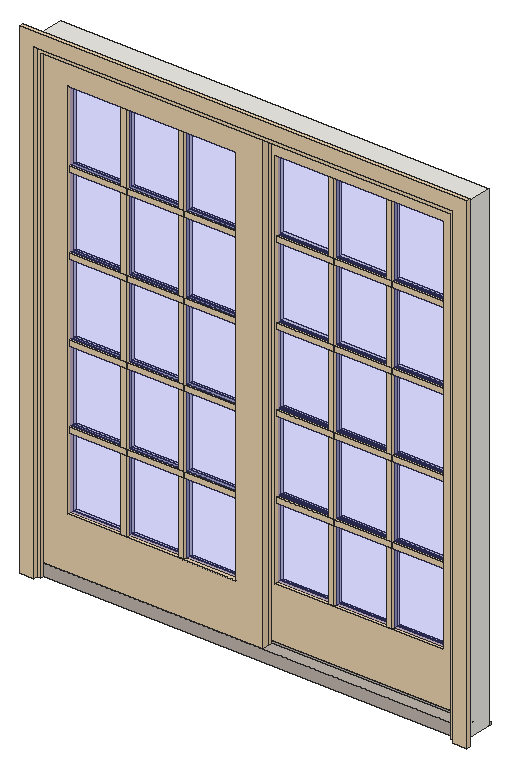
Revit family "Door-Gliding-Andersen-400_Series-Double 2", category Doors, host Wall, Revit 2013 (continued)
Dimensions and locks (in)
  aligned and locked: plane 5 "T Frame" to Extrusion 1 sketch curve
  aligned and locked: plane 4 "L Frame" to Extrusion 1 sketch curve
  aligned and locked: Extrusion 1 sketch curve to plane 3 "R Frame"
  aligned and locked: level to Extrusion 1 sketch curve
  aligned and locked: host wall to Extrusion 1
  aligned and locked: plane 10 "Flange" to Extrusion 1
  aligned and locked: level to Extrusion 2 sketch curve
  aligned and locked: level to Sweep 3 sketch curve  (x2)
  aligned and locked: plane 23 "L Casing 4" to Sweep 3 sketch curve  (x2)
  aligned and locked: plane 32 "T Casing 4" to Sweep 3 sketch curve
  aligned and locked: Sweep 3 sketch curve to plane 20 "R Casing 4"
  aligned and locked: plane 24 "L Casing 3" to Sweep 3 sketch curve
  aligned and locked: plane 12 "Casing S2" to Sweep 3 sketch curve
  aligned and locked: plane 25 "L Casing 2" to Sweep 3 sketch curve
  aligned and locked: Sweep 3 sketch curve to plane 13 "Casing S1"
  aligned and locked: plane 10 "Flange" to Sweep 3 sketch curve
  aligned and locked: Sweep 3 sketch curve to plane 26 "L Casing 1"
  aligned and locked: Sweep 3 sketch curve to plane 12 "Casing S2"
  aligned and locked: level to Extrusion 4 sketch curve  (x2)
  aligned and locked: plane 23 "L Casing 4" to Extrusion 4 sketch curve
  aligned and locked: Extrusion 4 sketch curve to plane 26 "L Casing 1"
  aligned and locked: plane 32 "T Casing 4" to Extrusion 4 sketch curve
  aligned and locked: Extrusion 4 sketch curve to plane 29 "T Casing 1"
  aligned and locked: Extrusion 4 sketch curve to plane 20 "R Casing 4"
  aligned and locked: plane 17 "R Casing 1" to Extrusion 4 sketch curve
  aligned and locked: Extrusion 4 to plane 10 "Flange"
  aligned and locked: plane 12 "Casing S2" to Sweep 3
  aligned and locked: plane 29 "T Casing 1" to curve 3
  aligned and locked: plane 5 "T Frame" to Masking region 1 sketch curve
  aligned and locked: Masking region 1 sketch curve to plane 10 "Flange"
  aligned and locked: Masking region 1 sketch curve to plane 32 "T Casing 4"
  aligned and locked: plane 13 "Casing S1" to Masking region 1 sketch curve
  aligned and locked: Masking region 1 sketch curve to level
  aligned and locked: Masking region 1 sketch curve to plane 11 "Frame S1"
  aligned and locked: plane 11 "Frame S1" to curve 4
  aligned and locked: Masking region 2 sketch curve to plane 3 "R Frame"
  aligned and locked: plane 4 "L Frame" to Masking region 2 sketch curve
  aligned and locked: plane 5 "T Frame" to Masking region 3 sketch curve
  aligned and locked: plane 9 "Frame S2" to Masking region 3 sketch curve
  aligned and locked: Masking region 3 sketch curve to plane 11 "Frame S1"
  aligned and locked: level to Masking region 3 sketch curve
  aligned and locked: plane 13 "Casing S1" to Masking region 4 sketch curve
  aligned and locked: plane 19 "R Casing 3" to Masking region 4 sketch curve
  aligned and locked: Masking region 4 sketch curve to plane 20 "R Casing 4"
  aligned and locked: plane 17 "R Casing 1" to Masking region 4 sketch curve
  aligned and locked: plane 11 "Frame S1" to Masking region 4 sketch curve
  aligned and locked: plane 3 "R Frame" to Masking region 4 sketch curve
  aligned and locked: Masking region 4 sketch curve to plane 12 "Casing S2"
  aligned and locked: plane 18 "R Casing 2" to Masking region 4 sketch curve
  aligned and locked: Masking region 4 sketch curve to plane 13 "Casing S1"
  aligned and locked: plane 25 "L Casing 2" to Masking region 5 sketch curve
  aligned and locked: plane 13 "Casing S1" to Masking region 5 sketch curve  (x2)
  aligned and locked: Masking region 5 sketch curve to plane 23 "L Casing 4"
  aligned and locked: plane 4 "L Frame" to Masking region 5 sketch curve
  aligned and locked: Masking region 5 sketch curve to plane 11 "Frame S1"
  aligned and locked: plane 26 "L Casing 1" to Masking region 5 sketch curve
  aligned and locked: plane 12 "Casing S2" to Masking region 5 sketch curve
  aligned and locked: plane 24 "L Casing 3" to Masking region 5 sketch curve
  aligned and locked: Masking region 6 sketch curve to plane 13 "Casing S1"
  aligned and locked: Masking region 6 sketch curve to plane 20 "R Casing 4"
  aligned and locked: plane 10 "Flange" to Masking region 6 sketch curve
  aligned and locked: plane 3 "R Frame" to Masking region 6 sketch curve
  aligned and locked: Masking region 7 sketch curve to plane 13 "Casing S1"
  aligned and locked: Masking region 7 sketch curve to plane 4 "L Frame"
  aligned and locked: plane 10 "Flange" to Masking region 7 sketch curve
  aligned and locked: plane 23 "L Casing 4" to Masking region 7 sketch curve
  aligned and locked: level to Extrusion 5 sketch curve  (x2)
  aligned and locked: Extrusion 5 sketch curve to plane 34 "R Int Casing"
  aligned and locked: plane 36 "R Xjamb 1" to Extrusion 5 sketch curve
  aligned and locked: plane 40 "T Int Casing" to Extrusion 5 sketch curve
  aligned and locked: Extrusion 5 sketch curve to plane 42 "T Xjamb 1"
  aligned and locked: plane 37 "L Int Casing" to Extrusion 5 sketch curve
  aligned and locked: Extrusion 5 sketch curve to plane 39 "L Xjamb 1"
  aligned and locked: Extrusion 5 to host wall
  aligned and locked: Extrusion 5 to plane 8 "Interior Casing"
  aligned and locked: level to Extrusion 6 sketch curve  (x2)
  aligned and locked: plane 36 "R Xjamb 1" to Extrusion 6 sketch curve
  aligned and locked: Extrusion 6 sketch curve to plane 35 "R Xjamb 2"
  aligned and locked: Extrusion 6 sketch curve to plane 42 "T Xjamb 1"
  aligned and locked: plane 41 "T Xjamb 2" to Extrusion 6 sketch curve
  aligned and locked: Extrusion 6 sketch curve to plane 39 "L Xjamb 1"
  aligned and locked: plane 38 "L Xjamb 2" to Extrusion 6 sketch curve
  aligned and locked: plane 53 "Xjamb S1" to Extrusion 6
  aligned and locked: host wall to Extrusion 6
  aligned and locked: plane 10 "Flange" to Masking region 4 sketch curve
  aligned and locked: Masking region 5 sketch curve to plane 10 "Flange"
  aligned and locked: plane 5 "T Frame" to Sweep 7 sketch curve  (x2)
  aligned and locked: plane 5 "T Frame" to Sweep 8 sketch curve
  aligned and locked: plane 4 "L Frame" to Sweep 8 sketch curve  (x2)
  aligned and locked: Sweep 8 sketch curve to plane 3 "R Frame"
  aligned and locked: plane 9 "Frame S2" to Sweep 8 sketch curve
  aligned and locked: plane 4 "L Frame" to Sweep 9 sketch curve
  aligned and locked: plane 3 "R Frame" to Sweep 9 sketch curve
  aligned and locked: Sweep 9 sketch curve to level
  aligned and locked: plane 46 "B Panel" to Sweep 10 sketch curve  (x2)
  aligned and locked: plane 57 "Sill Interior" to Sweep 10 sketch curve
  aligned and locked: Sweep 10 sketch curve to plane 58 "Sill Exterior"
  aligned and locked: level to Sweep 10 sketch curve
  aligned and locked: plane 42 "T Xjamb 1" to curve 6
  aligned and locked: plane 57 "Sill Interior" to Masking region 2 sketch curve
  aligned and locked: plane 9 "Frame S2" to curve 11
  aligned and locked: Masking region 8 sketch curve to plane 20 "R Casing 4"
  aligned and locked: plane 23 "L Casing 4" to Masking region 8 sketch curve
  aligned and locked: level to Masking region 8 sketch curve  (x2)
  aligned and locked: level to Masking region 9 sketch curve  (x2)
  aligned and locked: plane 37 "L Int Casing" to Masking region 9 sketch curve
  aligned and locked: Masking region 9 sketch curve to plane 34 "R Int Casing"
  aligned and locked: plane 40 "T Int Casing" to Masking region 9 sketch curve
  aligned and locked: plane 32 "T Casing 4" to Masking region 8 sketch curve
  aligned and locked: Masking region 10 sketch curve to plane 60 "R Stop"
  aligned and locked: plane 59 "L Stop" to Masking region 10 sketch curve
  aligned and locked: level to Masking region 10 sketch curve
  aligned and locked: plane 61 "T Stop" to Masking region 10 sketch curve
  aligned and locked: Masking region 10 sketch curve to plane 3 "R Frame"
  aligned and locked: plane 5 "T Frame" to Masking region 10 sketch curve
  aligned and locked: plane 4 "L Frame" to Masking region 10 sketch curve
  aligned and locked: curve 14 to plane 36 "R Xjamb 1"
  aligned and locked: curve 15 to plane 39 "L Xjamb 1"
  aligned and locked: plane 12 "Casing S2" to curve 2
  aligned and locked: plane 4 "L Frame" to curve 17
  aligned and locked: Sweep 3 to plane 10 "Flange"
  aligned and locked: plane 5 "T Frame" to curve 19
  aligned and locked: Masking region 9 sketch curve to plane 39 "L Xjamb 1"
  aligned and locked: plane 36 "R Xjamb 1" to Masking region 9 sketch curve
  aligned and locked: Masking region 9 sketch curve to plane 42 "T Xjamb 1"
  aligned and locked: plane 4 "L Frame" to Masking region 11 sketch curve
  aligned and locked: plane 5 "T Frame" to Masking region 11 sketch curve
  aligned and locked: Masking region 11 sketch curve to plane 3 "R Frame"
  aligned and locked: level to Masking region 11 sketch curve
  aligned and locked: Masking region 11 sketch curve to plane 46 "B Panel"
  aligned and locked: plane 59 "L Stop" to Masking region 11 sketch curve
  aligned and locked: Masking region 11 sketch curve to plane 60 "R Stop"
  aligned and locked: plane 61 "T Stop" to Masking region 11 sketch curve
  aligned and locked: Sweep 8 sketch curve to plane 58 "Sill Exterior"
  aligned and locked: Sweep 8 sketch curve to plane 43 "L Panel"
  aligned and locked: curve 36 to plane 5 "T Frame"
  aligned and locked: curve 35 to plane 57 "Sill Interior"
  aligned and locked: plane 66 "L Panel Width" to Sweep 11 sketch curve
  aligned and locked: plane 43 "L Panel" to Sweep 11 sketch curve
  aligned and locked: plane 45 "T Panel" to Sweep 11 sketch curve  (x2)
  aligned and locked: Sweep 11 sketch curve to plane 48 "T Glazing"
  aligned and locked: level to curve 58
  aligned and locked: Sweep 12 sketch curve to plane 65 "R Panel Width"
  aligned and locked: plane 44 "R Panel" to Sweep 12 sketch curve
  aligned and locked: Sweep 12 sketch curve to plane 45 "T Panel"
  aligned and locked: plane 45 "T Panel" to Sweep 12 sketch curve
  aligned and locked: Sweep 12 sketch curve to plane 48 "T Glazing"
  aligned and locked: plane 48 "T Glazing" to Sweep 13 sketch curve
  aligned and locked: plane 2 "Center (Left/Right)" to Sweep 13 sketch curve
  aligned and locked: plane 47 "B Glazing" to Sweep 13 sketch curve
  aligned and locked: Sweep 13 sketch curve to plane 70 "Panel 1 Glazing 2"
  aligned and locked: plane 69 "Panel 1 Glazing 1" to Sweep 13 sketch curve
  aligned and locked: Sweep 13 sketch curve to plane 71 "Panel 2 Glazing 2"
  aligned and locked: plane 72 "Panel 2 Glazing 1" to Sweep 13 sketch curve
  aligned and locked: Sweep 13 sketch curve to plane 49 "L Glazing"
  aligned and locked: plane 65 "R Panel Width" to Masking region 12 sketch curve
  aligned and locked: plane 62 "Sill Height" to Masking region 10 sketch curve
  aligned and locked: plane 66 "L Panel Width" to Masking region 13 sketch curve
  aligned and locked: plane 45 "T Panel" to Sweep 14 sketch curve  (x2)
  aligned and locked: Sweep 14 sketch curve to plane 44 "R Panel"
  aligned and locked: plane 65 "R Panel Width" to Sweep 14 sketch curve
  aligned and locked: Sweep 14 sketch curve to plane 48 "T Glazing"
  aligned and locked: plane 45 "T Panel" to Sweep 15 sketch curve
  aligned and locked: plane 43 "L Panel" to Sweep 15 sketch curve
  aligned and locked: plane 66 "L Panel Width" to Sweep 15 sketch curve
  aligned and locked: Sweep 15 sketch curve to plane 45 "T Panel"
  aligned and locked: plane 48 "T Glazing" to Sweep 15 sketch curve
  aligned and locked: plane 67 "R Panel Jamb" to curve 74
  aligned and locked: curve 73 to plane 47 "B Glazing"
  aligned and locked: curve 72 to plane 50 "R Glazing"
  aligned and locked: plane 48 "T Glazing" to curve 71
  aligned and locked: plane 49 "L Glazing" to curve 78
  aligned and locked: curve 77 to plane 47 "B Glazing"
  aligned and locked: plane 68 "L Panel Jamb" to curve 76
  aligned and locked: plane 48 "T Glazing" to curve 75
  aligned and locked: plane 65 "R Panel Width" to curve 83
  aligned and locked: plane 52 "Panel1 S2" to curve 82
  aligned and locked: curve 80 to plane 51 "Panel1 S1"
  aligned and locked: curve 81 to plane 44 "R Panel"
  aligned and locked: plane 64 "Panel2 S2" to curve 86
  aligned and locked: plane 43 "L Panel" to curve 87
  aligned and locked: curve 84 to plane 63 "Panel2 S1"
  aligned and locked: plane 66 "L Panel Width" to curve 85
  aligned and locked: Sweep 13 to curve 88
  aligned and locked: Sweep 13 to curve 89
  aligned and locked: curve 90 to Sweep 13
  aligned and locked: Sweep 13 to curve 91
  aligned and locked: Masking region 13 sketch curve to plane 46 "B Panel"
  aligned and locked: plane 43 "L Panel" to Masking region 13 sketch curve
  aligned and locked: plane 45 "T Panel" to Masking region 13 sketch curve
  aligned and locked: Masking region 12 sketch curve to plane 46 "B Panel"
  aligned and locked: Masking region 12 sketch curve to plane 44 "R Panel"
  aligned and locked: plane 45 "T Panel" to Masking region 12 sketch curve
  aligned and locked: plane 64 "Panel2 S2" to curve 99
  aligned and locked: curve 98 to plane 46 "B Panel"
  aligned and locked: curve 97 to plane 63 "Panel2 S1"
  aligned and locked: plane 45 "T Panel" to curve 96
  aligned and locked: curve 101 to plane 51 "Panel1 S1"
  aligned and locked: curve 102 to plane 46 "B Panel"
  aligned and locked: plane 52 "Panel1 S2" to curve 103
  aligned and locked: plane 45 "T Panel" to curve 100
  aligned and locked: curve 104 to Sweep 13
  aligned and locked: curve 105 to Sweep 13
  aligned and locked: curve 106 to Sweep 13
  aligned and locked: curve 107 to Sweep 13
  aligned and locked: curve 119 to plane 4 "L Frame"
  aligned and locked: nested 2 to plane 48 "T Glazing"
  aligned and locked: nested 3 to plane 48 "T Glazing"
  aligned and locked: nested 1 to plane 49 "L Glazing"
  aligned and locked: nested 5 to plane 49 "L Glazing"
  aligned and locked: Masking region 14 sketch curve to plane 34 "R Int Casing"
  aligned and locked: host wall to Masking region 14 sketch curve
  aligned and locked: plane 36 "R Xjamb 1" to Masking region 14 sketch curve
  aligned and locked: plane 8 "Interior Casing" to Masking region 14 sketch curve
  aligned and locked: Masking region 15 sketch curve to plane 53 "Xjamb S1"
  aligned and locked: Masking region 15 sketch curve to host wall
  aligned and locked: Masking region 15 sketch curve to plane 35 "R Xjamb 2"
  aligned and locked: plane 36 "R Xjamb 1" to Masking region 15 sketch curve
  aligned and locked: host wall to Masking region 16 sketch curve
  aligned and locked: plane 37 "L Int Casing" to Masking region 16 sketch curve
  aligned and locked: plane 8 "Interior Casing" to Masking region 16 sketch curve
  aligned and locked: Masking region 16 sketch curve to plane 39 "L Xjamb 1"
  aligned and locked: Masking region 17 sketch curve to plane 39 "L Xjamb 1"
  aligned and locked: Masking region 17 sketch curve to host wall
  aligned and locked: plane 38 "L Xjamb 2" to Masking region 17 sketch curve
  aligned and locked: Masking region 17 sketch curve to plane 53 "Xjamb S1"
  aligned and locked: plane 7 "Wall S2" to Masking region 18 sketch curve
  aligned and locked: level to Masking region 18 sketch curve
  aligned and locked: plane 8 "Interior Casing" to Masking region 18 sketch curve
  aligned and locked: plane 40 "T Int Casing" to Masking region 18 sketch curve
  aligned and locked: plane 8 "Interior Casing" to curve 123
  aligned and locked: plane 42 "T Xjamb 1" to curve 123
  aligned and locked: Masking region 19 sketch curve to plane 53 "Xjamb S1"
  aligned and locked: level to Masking region 19 sketch curve
  aligned and locked: Masking region 19 sketch curve to host wall
  aligned and locked: plane 41 "T Xjamb 2" to Masking region 19 sketch curve
  aligned and locked: plane 53 "Xjamb S1" to curve 124
  aligned and locked: host wall to curve 124
  aligned and locked: plane 42 "T Xjamb 1" to curve 124
  aligned and locked: nested 9 to plane 48 "T Glazing"
  aligned and locked: nested 10 to plane 48 "T Glazing"
  aligned and locked: nested 8 to plane 50 "R Glazing"
  aligned and locked: nested 7 to plane 50 "R Glazing"
  aligned and locked: nested 6 to plane 50 "R Glazing"
  aligned and locked: nested 11 to plane 48 "T Glazing"
  aligned and locked: nested 12 to plane 50 "R Glazing"
  aligned and locked: plane 63 "Panel2 S1" to Sweep 15 sketch curve
  aligned and locked: Sweep 15 sketch curve to plane 72 "Panel 2 Glazing 1"
  aligned and locked: plane 64 "Panel2 S2" to Sweep 11 sketch curve
  aligned and locked: Sweep 11 sketch curve to plane 72 "Panel 2 Glazing 1"
  aligned and locked: Sweep 14 sketch curve to plane 51 "Panel1 S1"
  aligned and locked: plane 70 "Panel 1 Glazing 2" to Sweep 14 sketch curve
  aligned and locked: plane 52 "Panel1 S2" to Sweep 12 sketch curve
  aligned and locked: Sweep 12 sketch curve to plane 70 "Panel 1 Glazing 2"
  aligned and locked: plane 43 "L Panel" to curve 5
  aligned and locked: curve 125 to plane 73 "Panel Elevation Center"
  aligned and locked: plane 75 "Slade Arrow" to curve 127
  aligned and locked: plane 5 "T Frame" to Sweep 16 sketch curve
  aligned and locked: Sweep 16 sketch curve to plane 3 "R Frame"
  aligned and locked: level to Sweep 16 sketch curve
  aligned and locked: Sweep 16 sketch curve to plane 53 "Xjamb S1"
  aligned and locked: plane 3 "R Frame" to Sweep 16 sketch curve
  aligned and locked: plane 5 "T Frame" to Sweep 17 sketch curve
  aligned and locked: Sweep 17 sketch curve to plane 4 "L Frame"
  aligned and locked: level to Sweep 17 sketch curve
  aligned and locked: plane 53 "Xjamb S1" to Sweep 17 sketch curve
  aligned and locked: plane 4 "L Frame" to Sweep 17 sketch curve
  aligned and locked: plane 4 "L Frame" to Sweep 7 sketch curve
  aligned and locked: plane 3 "R Frame" to Sweep 7 sketch curve
  aligned and locked: plane 53 "Xjamb S1" to Sweep 7 sketch curve
  aligned and locked: curve 26 to plane 3 "R Frame"
  aligned and locked: curve 17 to plane 10 "Flange"
  aligned and locked: plane 10 "Flange" to curve 18
  aligned and locked: plane 46 "B Panel" to Sweep 15 sketch curve  (x2)
  aligned and locked: plane 46 "B Panel" to Sweep 11 sketch curve  (x2)
  aligned and locked: plane 46 "B Panel" to Sweep 14 sketch curve  (x2)
  aligned and locked: plane 46 "B Panel" to Sweep 12 sketch curve  (x2)
  aligned and locked: plane 49 "L Glazing" to Sweep 18 sketch curve
  aligned and locked: plane 46 "B Panel" to Sweep 18 sketch curve
  aligned and locked: plane 64 "Panel2 S2" to Sweep 18 sketch curve
  aligned and locked: Sweep 18 sketch curve to plane 46 "B Panel"
  aligned and locked: Sweep 18 sketch curve to plane 72 "Panel 2 Glazing 1"
  aligned and locked: plane 46 "B Panel" to Sweep 19 sketch curve
  aligned and locked: Sweep 19 sketch curve to plane 46 "B Panel"
  aligned and locked: plane 52 "Panel1 S2" to Sweep 19 sketch curve
  aligned and locked: Sweep 19 sketch curve to plane 70 "Panel 1 Glazing 2"
  aligned and locked: plane 46 "B Panel" to Sweep 20 sketch curve
  aligned and locked: plane 72 "Panel 2 Glazing 1" to Sweep 20 sketch curve
  aligned and locked: Sweep 20 sketch curve to plane 46 "B Panel"
  aligned and locked: Sweep 20 sketch curve to plane 63 "Panel2 S1"
  aligned and locked: plane 46 "B Panel" to Sweep 21 sketch curve
  aligned and locked: plane 70 "Panel 1 Glazing 2" to Sweep 21 sketch curve
  aligned and locked: Sweep 21 sketch curve to plane 51 "Panel1 S1"
  aligned and locked: Sweep 21 sketch curve to plane 46 "B Panel"
  aligned and locked: plane 49 "L Glazing" to Sweep 20 sketch curve
  aligned and locked: curve 110 to plane 71 "Panel 2 Glazing 2"
  aligned and locked: curve 174 to plane 49 "L Glazing"
  aligned and locked: curve 170 to curve 95
  aligned and locked: curve 170 to curve 94
  aligned and locked: curve 186 to curve 94
  aligned and locked: curve 186 to curve 95
  aligned and locked: plane 71 "Panel 2 Glazing 2" to curve 189
  aligned and locked: curve 173 to plane 71 "Panel 2 Glazing 2"
  aligned and locked: curve 197 to plane 69 "Panel 1 Glazing 1"
  aligned and locked: curve 194 to curve 92
  aligned and locked: curve 194 to curve 93
  aligned and locked: plane 69 "Panel 1 Glazing 1" to curve 205
  aligned and locked: curve 206 to plane 50 "R Glazing"
  aligned and locked: curve 202 to curve 92
  aligned and locked: curve 202 to curve 93
  aligned and locked: curve 198 to plane 67 "R Panel Jamb"
  aligned and locked: plane 68 "L Panel Jamb" to curve 190
  aligned and locked: Masking region 2 sketch curve to plane 54 "Frame S2 Ext"
  aligned and locked: cut or joined group of Sweep 14, Sweep 21 to Sweep 21 sketch curve
  aligned and locked: Sweep 21 sketch curve to cut or joined group of Sweep 14, Sweep 21
  aligned and locked: Sweep 13 sketch curve to cut or joined group of Sweep 12, Sweep 19
  aligned and locked: Sweep 13 sketch curve to cut or joined group of Sweep 11, Sweep 18
  aligned and locked: cut or joined group of Sweep 12, Sweep 19 to Sweep 13 sketch curve
  aligned and locked: plane 54 "Frame S2 Ext" to curve 79
  aligned and locked: plane 54 "Frame S2 Ext" to curve 5
  aligned and locked: nested 4 to plane 49 "L Glazing"
  aligned and locked: nested 13 to plane 49 "L Glazing"
  aligned and locked: Split face 1 sketch curve to cut or joined group of Sweep 7, Sweep 16, Sweep 17
  aligned and locked: Split face 1 to Split face 2 sketch curve
  aligned and locked: Split face 3 sketch curve to Split face 2
  aligned and locked: plane 47 "B Glazing" to Sweep 20 sketch curve
  aligned and locked: plane 47 "B Glazing" to Sweep 18 sketch curve
  aligned and locked: plane 47 "B Glazing" to Sweep 21 sketch curve
  aligned and locked: plane 47 "B Glazing" to Sweep 19 sketch curve
  aligned and locked: plane 46 "B Panel" to Sweep 22 sketch curve
  aligned and locked: level to Sweep 22 sketch curve
  aligned and locked: plane 2 "Center (Left/Right)" to Sweep 22 sketch curve
  aligned and locked: Sweep 22 sketch curve to curve 138
  aligned and locked: Sweep 22 sketch curve to cut or joined group of Sweep 7, Sweep 16, Sweep 17  (x16)
  aligned and locked: Sweep 22 sketch curve to Masking region 2
  aligned and locked: cut or joined group of Sweep 7, Sweep 16, Sweep 17 to Sweep 22 sketch curve
  aligned and locked: Sweep 8 to Sweep 10 sketch curve
  aligned and locked: Split face 4 sketch curve to plane 64 "Panel2 S2"
  aligned and locked: Split face 5 sketch curve to plane 52 "Panel1 S2"
  aligned and locked: Split face 6 sketch curve to plane 64 "Panel2 S2"
  aligned and locked: plane 2 "Center (Left/Right)" to Split face 6 sketch curve
  aligned and locked: Split face 6 sketch curve to plane 52 "Panel1 S2"
  aligned and locked: Split face 7 sketch curve to plane 64 "Panel2 S2"
  aligned and locked: plane 64 "Panel2 S2" to Split face 8 sketch curve
  aligned and locked: Split face 9 sketch curve to Split face 8
  aligned and locked: plane 64 "Panel2 S2" to curve 208
  aligned and locked: plane 64 "Panel2 S2" to curve 209
  aligned and locked: plane 51 "Panel1 S1" to curve 208
  aligned and locked: plane 51 "Panel1 S1" to curve 209
  aligned and locked: curve 208 to plane 66 "L Panel Width"
  aligned and locked: plane 31 "T Casing 3" to curve 1
  aligned and locked: plane 13 "Casing S1" to curve 1
  aligned and locked: curve 220 to plane 69 "Panel 1 Glazing 1"
  aligned and locked: plane 71 "Panel 2 Glazing 2" to curve 227
  aligned and locked: plane 69 "Panel 1 Glazing 1" to curve 234
  aligned and locked: plane 13 "Casing S1" to curve 4
  aligned and locked: plane 48 "T Glazing" to curve 110
  aligned and locked: plane 48 "T Glazing" to curve 220
  aligned and locked: plane 74 "Vertical Bar Length" to curve 227
  aligned and locked: plane 74 "Vertical Bar Length" to curve 234
  aligned and locked: plane 13 "Casing S1" to curve 241
  aligned and locked: plane 10 "Flange" to curve 241
  aligned and locked: plane 54 "Frame S2 Ext" to curve 242
  aligned and locked: plane 9 "Frame S2" to curve 242
  aligned and locked: plane 20 "R Casing 4" to curve 241
  aligned and locked: plane 3 "R Frame" to curve 242
  aligned and locked: plane 13 "Casing S1" to curve 239
  aligned and locked: plane 10 "Flange" to curve 239
  aligned and locked: plane 54 "Frame S2 Ext" to curve 240
  aligned and locked: plane 9 "Frame S2" to curve 240
  aligned and locked: plane 9 "Frame S2" to curve 25
  aligned and locked: plane 9 "Frame S2" to curve 142
  aligned and locked: curve 118 to plane 9 "Frame S2"
  aligned and locked: plane 23 "L Casing 4" to curve 239
  aligned and locked: plane 4 "L Frame" to curve 240
  aligned and locked: plane 13 "Casing S1" to curve 243
  aligned and locked: plane 10 "Flange" to curve 243
  aligned and locked: plane 9 "Frame S2" to curve 244
  aligned and locked: plane 32 "T Casing 4" to curve 243
  aligned and locked: plane 5 "T Frame" to curve 244
  aligned and locked: curve 130 to plane 54 "Frame S2 Ext"
  aligned and locked: plane 54 "Frame S2 Ext" to curve 119
  aligned and locked: plane 54 "Frame S2 Ext" to curve 138
  aligned and locked: plane 54 "Frame S2 Ext" to curve 26
  aligned and locked: plane 4 "L Frame" to Masking region 8 sketch curve
  aligned and locked: plane 5 "T Frame" to Masking region 8 sketch curve
  aligned and locked: Masking region 8 sketch curve to plane 3 "R Frame"
  aligned and locked: plane 46 "B Panel" to curve 12
  aligned and locked: plane 46 "B Panel" to curve 13
  aligned and locked: nested 18 to plane 48 "T Glazing"
  aligned and locked: plane 43 "L Panel" to Sweep 10 sketch curve
Automatic sketch dimensions
  Sweep 8 sketch curve to level = 0' - 0"  (x2)
  curve 5 to curve 5 = 0' - 5 7/8"
  curve 14 to level = 0' - 0"
  curve 15 to level = 0' - 0"
  curve 15 to plane 42 "T Xjamb 1" = 0' - 0"
  curve 79 to plane 9 "Frame S2" = 0' - 0"
  curve 5 to plane 9 "Frame S2" = 0' - 0"
  curve 11 to plane 3 "R Frame" = 0' - 0"
  curve 18 to plane 3 "R Frame" = 0' - 0"
  curve 88 to plane 50 "R Glazing" = 0' - 0"
  curve 89 to plane 50 "R Glazing" = 0' - 0"
  curve 89 to plane 67 "R Panel Jamb" = 0' - 0"
  curve 88 to plane 67 "R Panel Jamb" = 0' - 0"
  curve 90 to plane 68 "L Panel Jamb" = 0' - 0"
  curve 91 to plane 68 "L Panel Jamb" = 0' - 0"
  curve 90 to plane 49 "L Glazing" = 0' - 0"
  curve 91 to plane 49 "L Glazing" = 0' - 0"
  curve 11 to plane 17 "R Casing 1" = 0' - 0 1/8"
  profile plane to Sweep 17 sketch curve = 0' - 1.719"
  Sweep 17 sketch curve to Sweep 17 sketch curve = 0' - 0.344"
  Sweep 17 sketch curve to Sweep 17 sketch curve = 0' - 0.437"  (x2)
  curve 121 to curve 122 = 0' - 3.2035"
  curve 121 to curve 121 = 0' - 0.344"
  curve 120 to curve 119 = 0' - 0.938"
  curve 119 to curve 120 = 0' - 0.93626"
  curve 120 to curve 121 = 0' - 1.73524"
  curve 128 to curve 132 = 0' - 0"
  curve 128 to curve 128 = 0' - 0.437"
  curve 131 to curve 132 = 0' - 0.437"
  curve 128 to curve 130 = 0' - 0.938"
  curve 132 to curve 128 = 0' - 2.02269"
  curve 131 to curve 132 = 0' - 0.05789"
  curve 131 to curve 131 = 0' - 0.28745"
  curve 128 to curve 130 = 0' - 0.93626"
  curve 121 to curve 120 = 0' - 0.22956"
  curve 121 to curve 120 = 0' - 0.437"
  curve 23 to curve 24 = 0' - 3.2035"
  curve 23 to curve 23 = 0' - 0.344"
  curve 22 to curve 21 = 0' - 0.938"
  curve 21 to curve 22 = 0' - 0.93626"
  curve 22 to curve 23 = 0' - 1.73524"
  curve 133 to curve 137 = 0' - 0"
  curve 133 to curve 133 = 0' - 0.437"
  curve 136 to curve 137 = 0' - 0.437"
  curve 133 to curve 135 = 0' - 0.938"
  curve 137 to curve 133 = 0' - 2.02269"
  curve 136 to curve 137 = 0' - 0.05789"
  curve 136 to curve 136 = 0' - 0.28745"
  curve 133 to curve 135 = 0' - 0.93626"
  curve 23 to curve 22 = 0' - 0.22956"
  curve 23 to curve 22 = 0' - 0.437"
  curve 25 to curve 26 = 0' - 5 7/8"
  curve 25 to curve 25 = 0' - 1 3/8"
  curve 140 to curve 139 = 0' - 5 7/8"
  curve 139 to curve 139 = 0' - 1 3/8"
  curve 57 to curve 54 = 0' - 1.416"
  curve 52 to curve 55 = 0' - 0.365"
  curve 55 to curve 51 = 0' - 0.61624"
  curve 50 to curve 49 = 0' - 1.774"
  curve 48 to curve 58 = 0' - 1.33779"
  curve 47 to curve 48 = 0' - 0.35924"
  curve 47 to curve 156 = 0' - 0.04672"
  curve 48 to curve 156 = 0' - 0.06195"
  curve 51 to curve 54 = 0' - 0.03427"
  curve 53 to curve 53 = 0' - 0.63582"
  curve 48 to curve 49 = 0' - 1.55131"
  curve 50 to curve 56 = 0' - 0.02172"
  curve 69 to curve 66 = 0' - 1.416"
  curve 64 to curve 67 = 0' - 0.365"
  curve 67 to curve 63 = 0' - 0.61624"
  curve 62 to curve 61 = 0' - 1.774"
  curve 60 to curve 70 = 0' - 1.33779"
  curve 59 to curve 60 = 0' - 0.35924"
  curve 59 to curve 158 = 0' - 0.04672"
  curve 60 to curve 158 = 0' - 0.06195"
  curve 63 to curve 66 = 0' - 0.03427"
  curve 65 to curve 65 = 0' - 0.63582"
  curve 60 to curve 61 = 0' - 1.55131"
  curve 62 to curve 68 = 0' - 0.02172"
  curve 109 to curve 108 = 0' - 1 9/32"
  curve 108 to curve 108 = 0' - 0.88911"
  curve 109 to curve 110 = 0' - 0 17/32"
  curve 110 to curve 108 = 0' - 0 3/4"
  curve 112 to curve 111 = 0' - 1 5/16"
  curve 111 to curve 111 = 0' - 0.88911"
  curve 112 to curve 113 = 0' - 0 9/16"
  curve 113 to curve 111 = 0' - 0"
  profile plane to Sweep 9 sketch curve = 0' - 0"
  curve 174 to curve 171 = 0' - 0.26411"
  curve 168 to curve 170 = 0' - 0.88911"
  curve 174 to curve 168 = 0' - 0 1/16"
  curve 175 to curve 173 = 0' - 0 13/32"
  curve 171 to curve 173 = 0' - 0 17/32"
  curve 173 to curve 170 = 0' - 0 3/4"
  curve 170 to curve 171 = 0' - 0"
  curve 174 to curve 171 = 0' - 0 1/32"
  curve 173 to curve 175 = 0' - 0 1/8"
  curve 175 to curve 169 = 0' - 0 1/8"
  curve 168 to curve 168 = 0' - 0 13/32"
  curve 174 to curve 168 = 0' - 0"
  curve 182 to curve 179 = 0' - 0.26411"
  curve 176 to curve 178 = 0' - 0.88911"
  curve 182 to curve 176 = 0' - 0 1/16"
  curve 183 to curve 181 = 0' - 0 13/32"
  curve 179 to curve 181 = 0' - 0 17/32"
  curve 181 to curve 178 = 0' - 0 3/4"
  curve 178 to curve 179 = 0' - 0"
  curve 182 to curve 179 = 0' - 0 1/32"
  curve 181 to curve 183 = 0' - 0 1/8"
  curve 183 to curve 177 = 0' - 0 1/8"
  curve 176 to curve 176 = 0' - 0 13/32"
  curve 182 to curve 176 = 0' - 0"
  curve 160 to curve 162 = 0' - 0.59328"
  curve 162 to curve 163 = 0' - 0.49878"  (x2)
  curve 163 to curve 163 = 0' - 0 1/2"
  curve 163 to curve 164 = 0' - 0.49878"
  curve 164 to curve 164 = 0' - 0.41103"  (x2)
  curve 160 to curve 160 = 0' - 0 5/8"
  curve 160 to curve 163 = 0' - 1.17676"
  curve 164 to curve 163 = 0' - 0.67744"
  curve 161 to curve 165 = 0' - 0 17/32"
  curve 165 to curve 166 = 0' - 0 1/8"
  curve 166 to curve 166 = 0' - 0 1/2"
  curve 166 to curve 167 = 0' - 0 1/8"
  curve 167 to curve 167 = 0' - 0 13/32"
  curve 161 to curve 161 = 0' - 0 5/8"
  curve 161 to curve 166 = 0' - 0 7/32"
  curve 167 to curve 166 = 0' - 0.42036"
  curve 167 to curve 167 = 0' - 0 1/16"
  curve 165 to curve 166 = 0' - 0.48286"
  curve 190 to curve 187 = 0' - 0.26411"
  curve 184 to curve 186 = 0' - 0.88911"
  curve 190 to curve 184 = 0' - 0 1/16"
  curve 191 to curve 189 = 0' - 0 13/32"
  curve 189 to curve 187 = 0' - 0 17/32"
  curve 186 to curve 189 = 0' - 0 3/4"
  curve 186 to curve 187 = 0' - 0"
  curve 187 to curve 190 = 0' - 0 1/32"
  curve 191 to curve 189 = 0' - 0 1/8"
  curve 185 to curve 191 = 0' - 0 1/8"
  curve 184 to curve 184 = 0' - 0 13/32"
  curve 190 to curve 184 = 0' - 0"
  curve 198 to curve 195 = 0' - 0.26411"
  curve 192 to curve 194 = 0' - 0.88911"
  curve 198 to curve 192 = 0' - 0 1/16"
  curve 199 to curve 197 = 0' - 0 13/32"
  curve 195 to curve 197 = 0' - 0 17/32"
  curve 197 to curve 194 = 0' - 0 3/4"
  curve 194 to curve 195 = 0' - 0"
  curve 198 to curve 195 = 0' - 0 1/32"
  curve 197 to curve 199 = 0' - 0 1/8"
  curve 199 to curve 193 = 0' - 0 1/8"
  curve 192 to curve 192 = 0' - 0 13/32"
  curve 198 to curve 192 = 0' - 0"
  curve 206 to curve 203 = 0' - 0.26411"
  curve 200 to curve 202 = 0' - 0.88911"
  curve 206 to curve 200 = 0' - 0 1/16"
  curve 207 to curve 205 = 0' - 0 13/32"
  curve 203 to curve 205 = 0' - 0 17/32"
  curve 205 to curve 202 = 0' - 0 3/4"
  curve 202 to curve 203 = 0' - 0"
  curve 206 to curve 203 = 0' - 0 1/32"
  curve 205 to curve 207 = 0' - 0 1/8"
  curve 207 to curve 201 = 0' - 0 1/8"
  curve 200 to curve 200 = 0' - 0 13/32"
  curve 206 to curve 200 = 0' - 0"
  Sweep 11 sketch curve to plane 46 "B Panel" = 0' - 0"
  curve 145 to curve 147 = 0' - 0 5/8"
  curve 144 to curve 144 = 0' - 0 5/8"
  curve 142 to curve 147 = 0' - 0 5/8"
  curve 138 to curve 138 = 0' - 0 3/4"
  curve 138 to curve 143 = 0' - 0.88662"
  curve 143 to curve 144 = 0' - 0.11909"
  curve 144 to curve 145 = 0' - 2.04654"
  curve 145 to curve 147 = 0' - 0.022"
  curve 146 to curve 147 = 0' - 2.31149"
  curve 147 to curve 148 = 0' - 0.022"
  curve 142 to curve 142 = 0' - 0.46726"
  curve 152 to curve 154 = 0' - 0 5/8"
  curve 151 to curve 151 = 0' - 0 5/8"
  curve 149 to curve 154 = 0' - 0 5/8"
  curve 141 to curve 141 = 0' - 0 3/4"
  curve 150 to curve 141 = 0' - 0.88662"
  curve 151 to curve 150 = 0' - 0.11909"
  curve 152 to curve 151 = 0' - 2.04654"
  curve 154 to curve 152 = 0' - 0.022"
  curve 154 to curve 153 = 0' - 2.31149"
  curve 155 to curve 154 = 0' - 0.022"
  curve 149 to curve 149 = 0' - 0.46726"
  Sweep 20 sketch curve to plane 68 "L Panel Jamb" = 0' - 0 1/32"
  Sweep 19 sketch curve to plane 67 "R Panel Jamb" = 0' - 0 1/32"
  plane 50 "R Glazing" to Sweep 19 sketch curve = 0' - 0 1/32"
  Sweep 18 sketch curve to plane 68 "L Panel Jamb" = 0' - 0 1/32"
  curve 79 to plane 44 "R Panel" = 0' - 0"
  Split face 1 sketch curve to cut or joined group of Sweep 7, Sweep 16, Sweep 17 = 0' - 0"  (x2)
  Split face 2 sketch curve to cut or joined group of Sweep 7, Sweep 16, Sweep 17 = 0' - 0"  (x2)
  Split face 3 sketch curve to cut or joined group of Sweep 7, Sweep 16, Sweep 17 = 0' - 0"  (x2)
  Sweep 22 sketch curve to plane 72 "Panel 2 Glazing 1" = 0' - 4.65266"
  Sweep 22 sketch curve to Sweep 22 sketch curve = 0' - 0.30311"
  Split face 4 sketch curve to Sweep 8 = 0' - 0"
  Sweep 8 to Split face 4 sketch curve = 0' - 0"
  Sweep 8 to Split face 5 sketch curve = 0' - 0"  (x2)
  Split face 6 sketch curve to Sweep 8 = 0' - 0"  (x2)
  Split face 7 sketch curve to Sweep 8 = 0' - 0"  (x2)
  Split face 8 sketch curve to Sweep 8 = 0' - 0"  (x2)
  Split face 9 sketch curve to Sweep 8 = 0' - 0"
  Sweep 8 to Split face 9 sketch curve = 0' - 0"
  curve 19 to plane 10 "Flange" = 0' - 0"
  curve 210 to curve 210 = 0' - 1 23/32"
  curve 9 to host wall = 0' - 0"
  plane 46 "B Panel" to curve 7 = 0' - 0"
  curve 7 to plane 58 "Sill Exterior" = 0' - 0"
  plane 30 "T Casing 2" to curve 1 = 0' - 0"
  curve 3 to plane 11 "Frame S1" = 0' - 0"
  curve 6 to plane 11 "Frame S1" = 0' - 0"
  curve 10 to plane 11 "Frame S1" = 0' - 0"
  curve 7 to level = 0' - 0"
  curve 9 to level = 0' - 0"
  plane 47 "B Glazing" to curve 104 = 0' - 0"
  plane 47 "B Glazing" to curve 107 = 0' - 0"
  plane 47 "B Glazing" to curve 105 = 0' - 0"
  plane 47 "B Glazing" to curve 106 = 0' - 0"
  plane 48 "T Glazing" to curve 107 = 0' - 0"
  plane 48 "T Glazing" to curve 105 = 0' - 0"
  plane 48 "T Glazing" to curve 104 = 0' - 0"
  plane 48 "T Glazing" to curve 106 = 0' - 0"
  plane 47 "B Glazing" to curve 116 = 0' - 0.88911"
  curve 117 to curve 116 = 0' - 0"  (x2)
  plane 47 "B Glazing" to curve 115 = 0' - 0.88911"
  curve 115 to curve 114 = 0' - 0"  (x2)
  curve 114 to plane 48 "T Glazing" = 0' - 0.88911"
  curve 116 to plane 48 "T Glazing" = 0' - 0.88911"
  curve 12 to level = 0' - 0"
  plane 59 "L Stop" to curve 12 = 0' - 0"
  curve 13 to level = 0' - 0"
  plane 60 "R Stop" to curve 13 = 0' - 0"
Nested families (in)
  nested 1: "Andersen Grille Bar" at (16.27344, 0.17225, 42.5) x (0, 0, 1) z (0, 1, 0), Bar Width <- "Grille Bar Size", Bar Length <- "H DLO", visible <- "TS S H Craftsman", type "Andersen Grille Bar"
    with Glass / 2 0' - 0 3/16", Glass 0' - 0 3/4", Center Line Length 2' - 4 5/64", Center Line 2, Bar Width 0' - 0 7/8", Bar Length 2' - 4 5/64"
  nested 2: "Andersen Grille Bar" at (21.09896, 0.17225, 42.5) x (-1, 0, 0) z (0, 1, 0), Bar Width <- "Grille Bar Size", Bar Length <- "TS V Bar Length", visible <- "TS M V", type "Andersen Grille Bar"
    with Glass / 2 0' - 0 3/16", Glass 0' - 0 3/4", Center Line Length 5' - 3 7/8", Center Line 2, Bar Width 0' - 0 7/8", Bar Length 5' - 3 7/8"
  nested 3: "Andersen Grille Bar" at (16.281, 0.17225, 42.5) x (-1, 0, 0) z (0, 1, 0), Bar Width <- "Grille Bar Size", Bar Length <- "TS V Bar Length", visible <- "TS S V", type "Andersen Grille Bar"
    with Glass / 2 0' - 0 3/16", Glass 0' - 0 3/4", Center Line Length 5' - 3 7/8", Center Line 2, Bar Width 0' - 0 7/8", Bar Length 5' - 3 7/8"
  nested 4: "Andersen Grille Bar" at (16.27344, 0.17225, 23.075) x (0, 0, 1) z (0, 1, 0), Bar Length <- "H DLO", Bar Width <- "Grille Bar Size", visible <- "TS M H", type "Andersen Grille Bar"
    with Glass / 2 0' - 0 3/16", Glass 0' - 0 3/4", Center Line Length 2' - 4 5/64", Center Line 2, Bar Width 0' - 0 7/8", Bar Length 2' - 4 5/64"
  nested 5: "Andersen Grille Bar" at (16.27344, 0.17225, 42.5) x (0, 0, 1) z (0, 1, 0), Bar Width <- "Grille Bar Size", Bar Length <- "H DLO", visible <- "TS S H", type "Andersen Grille Bar"
    with Glass / 2 0' - 0 3/16", Glass 0' - 0 3/4", Center Line Length 2' - 4 5/64", Center Line 2, Bar Width 0' - 0 7/8", Bar Length 2' - 4 5/64"
  nested 6: "Andersen Grille Bar" at (-16.27344, -2.21241, 42.5) x (0, 0, 1) z (0, 1, 0), Bar Width <- "Grille Bar Size", Bar Length <- "H DLO", visible <- "TS S H Craftsman", type "Andersen Grille Bar"
    with Glass / 2 0' - 0 3/16", Glass 0' - 0 3/4", Center Line Length 2' - 4 5/64", Center Line 2, Bar Width 0' - 0 7/8", Bar Length 2' - 4 5/64"
  nested 7: "Andersen Grille Bar" at (-16.27344, -2.21241, 42.5) x (0, 0, 1) z (0, 1, 0), Bar Width <- "Grille Bar Size", Bar Length <- "H DLO", visible <- "TS S H", type "Andersen Grille Bar"
    with Glass / 2 0' - 0 3/16", Glass 0' - 0 3/4", Center Line Length 2' - 4 5/64", Center Line 2, Bar Width 0' - 0 7/8", Bar Length 2' - 4 5/64"
  nested 8: "Andersen Grille Bar" at (-16.27344, -2.21241, 61.925) x (0, 0, 1) z (0, 1, 0), Bar Width <- "Grille Bar Size", Bar Length <- "H DLO", visible <- "TS M H", type "Andersen Grille Bar"
    with Glass / 2 0' - 0 3/16", Glass 0' - 0 3/4", Center Line Length 2' - 4 5/64", Center Line 2, Bar Width 0' - 0 7/8", Bar Length 2' - 4 5/64"
  nested 9: "Andersen Grille Bar" at (-11.52604, -2.21241, 42.5) x (-1, 0, 0) z (0, 1, 0), Bar Width <- "Grille Bar Size", Bar Length <- "TS V Bar Length", visible <- "TS M V", type "Andersen Grille Bar"
    with Glass / 2 0' - 0 3/16", Glass 0' - 0 3/4", Center Line Length 5' - 3 7/8", Center Line 2, Bar Width 0' - 0 7/8", Bar Length 5' - 3 7/8"
  nested 10: "Andersen Grille Bar" at (-16.3125, -2.21241, 42.5) x (-1, 0, 0) z (0, 1, 0), Bar Width <- "Grille Bar Size", Bar Length <- "TS V Bar Length", visible <- "TS S V", type "Andersen Grille Bar"
    with Glass / 2 0' - 0 3/16", Glass 0' - 0 3/4", Center Line Length 5' - 3 7/8", Center Line 2, Bar Width 0' - 0 7/8", Bar Length 5' - 3 7/8"
  nested 11: "Andersen Grille Bar" at (-21.09896, -2.21241, 42.5) x (-1, 0, 0) z (0, 1, 0), Bar Width <- "Grille Bar Size", Bar Length <- "TS V Bar Length", visible <- "TS M V", type "Andersen Grille Bar"
    with Glass / 2 0' - 0 3/16", Glass 0' - 0 3/4", Center Line Length 5' - 3 7/8", Center Line 2, Bar Width 0' - 0 7/8", Bar Length 5' - 3 7/8"
  nested 12: "Andersen Grille Bar" at (-16.27344, -2.21241, 23.075) x (0, 0, 1) z (0, 1, 0), Bar Width <- "Grille Bar Size", Bar Length <- "H DLO", visible <- "TS M H", type "Andersen Grille Bar"
    with Glass / 2 0' - 0 3/16", Glass 0' - 0 3/4", Center Line Length 2' - 4 5/64", Center Line 2, Bar Width 0' - 0 7/8", Bar Length 2' - 4 5/64"
  nested 13: "Andersen Grille Bar" at (16.27344, 0.17225, 61.925) x (0, 0, 1) z (0, 1, 0), Bar Length <- "H DLO", Bar Width <- "Grille Bar Size", visible <- "TS M H", type "Andersen Grille Bar"
    with Glass / 2 0' - 0 3/16", Glass 0' - 0 3/4", Center Line Length 2' - 4 5/64", Center Line 2, Bar Width 0' - 0 7/8", Bar Length 2' - 4 5/64"
  nested 14: "Andersen Grille Bar" at (-16.27344, -2.21241, 48.975) x (0, 0, 1) z (0, 1, 0), Bar Width <- "Grille Bar Size", Bar Length <- "H DLO", visible <- "TS M H", type "Andersen Grille Bar"
    with Glass / 2 0' - 0 3/16", Glass 0' - 0 3/4", Center Line Length 2' - 4 5/64", Center Line 2, Bar Width 0' - 0 7/8", Bar Length 2' - 4 5/64"
  nested 15: "Andersen Grille Bar" at (-16.27344, -2.21241, 36.025) x (0, 0, 1) z (0, 1, 0), Bar Width <- "Grille Bar Size", Bar Length <- "H DLO", visible <- "TS M H", type "Andersen Grille Bar"
    with Glass / 2 0' - 0 3/16", Glass 0' - 0 3/4", Center Line Length 2' - 4 5/64", Center Line 2, Bar Width 0' - 0 7/8", Bar Length 2' - 4 5/64"
  nested 16: "Andersen Grille Bar" at (16.27344, 0.17225, 36.025) x (0, 0, 1) z (0, 1, 0), Bar Length <- "H DLO", Bar Width <- "Grille Bar Size", visible <- "TS M H", type "Andersen Grille Bar"
    with Glass / 2 0' - 0 3/16", Glass 0' - 0 3/4", Center Line Length 2' - 4 5/64", Center Line 2, Bar Width 0' - 0 7/8", Bar Length 2' - 4 5/64"
  nested 17: "Andersen Grille Bar" at (16.27344, 0.17225, 48.975) x (0, 0, 1) z (0, 1, 0), Bar Length <- "H DLO", Bar Width <- "Grille Bar Size", visible <- "TS M H", type "Andersen Grille Bar"
    with Glass / 2 0' - 0 3/16", Glass 0' - 0 3/4", Center Line Length 2' - 4 5/64", Center Line 2, Bar Width 0' - 0 7/8", Bar Length 2' - 4 5/64"
  nested 18: "Andersen Grille Bar" at (11.46304, 0.17225, 42.5) x (-1, 0, 0) z (0, 1, 0), Bar Width <- "Grille Bar Size", Bar Length <- "TS V Bar Length", visible <- "TS M V", type "Andersen Grille Bar"
    with Glass / 2 0' - 0 3/16", Glass 0' - 0 3/4", Center Line Length 5' - 3 7/8", Center Line 2, Bar Width 0' - 0 7/8", Bar Length 5' - 3 7/8"
Definition of nested family "Andersen Grille Bar"
  Parameters (values of type "Andersen Grille Bar")
    Interior Bar Visibility = yes
    Interior Bar Material = none
    Glass / 2 [instance] = (Glass / 2) - 0' 0 3/16"  # 0' - 0 1/8"
    Glass [instance] = 0' - 0 5/8"
    Exterior Bar Visibility = yes
    Exterior Bar Finish = none
    Default Elevation = 4' - 0"
    Center Line Length [instance] = if(Center Line = 1, Bar Length + (Bar Width / 2), Bar Length)  # 0' - 4 7/16"
    Center Line [instance] = 1
    Between Glass Bar Visibility = yes
    Between Glass Bar Finish = none
    Bar Width [instance] = 0' - 0 7/8"
    Bar Length [instance] = 0' - 4"
  Reference planes (in)
    plane 1 "Center (Front/Back)": y = 0
    plane 2 "a": z = 0
    plane 3 "Center (Left/Right)": x = 0
    plane 4 "1": x = -0.4375
    plane 5 "2": x = 0.4375
    plane 6: y = 2
    plane 7: y = -2
    plane 8 "b": z = -0.625
    plane 9: z = -0.125
    plane 10: y = -2.4375
    plane 11 "a1": z = 12
    plane 12 "a2": z = -12
  Forms (in)
    Extrusion 1, solid
      sketch origin (0, 0, 0) x (1, 0, 0) y (0, 1, 0)
        loop
          line (-48, 48) -> (-48, -48) -> (48, -48) -> (48, 48) -> (-48, 48)
      from 0 to -12
    Extrusion 2, solid, material <- "Exterior Bar Finish", visible <- "Exterior Bar Visibility", detail levels fine
      sketch origin (0, 0, 0) x (1, 0, 0) y (0, 1, 0)
        loop
          line (-0.4375, 2) -> (-0.4375, -2) -> (0.4375, -2) -> (0.4375, 2) -> (-0.4375, 2)
      from 0 to 0.375
    Extrusion 3, solid, material <- "Between Glass Bar Finish", visible <- "Between Glass Bar Visibility", detail levels fine
      sketch origin (0, 0, 0) x (1, 0, 0) y (0, 1, 0)
        loop
          line (-0.4375, 2) -> (-0.4375, -2) -> (0.4375, -2) -> (0.4375, 2) -> (-0.4375, 2)
      from -0.5 to -0.125
    Extrusion 4, solid, material <- "Interior Bar Material", visible <- "Interior Bar Visibility", detail levels fine
      sketch origin (0, 0, 0) x (1, 0, 0) y (0, 1, 0)
        loop
          line (-0.4375, 2) -> (-0.4375, -2) -> (0.4375, -2) -> (0.4375, 2) -> (-0.4375, 2)
      from -1 to -0.625
  Lines and regions (in)
    model lines, style "GenericModel", detail levels coarse+medium
      curve 1: line (0, 2, 0) -> (0, -2.4375, 0)
    symbolic lines, style "GenericModel", detail levels coarse+medium
      curve 2: line (0, 2, 12) -> (0, -2.4375, 12)
      curve 3: line (0, 2, -12) -> (0, -2.4375, -12)
    model lines, style "InvisibleLines", not visible, detail levels coarse
      curve 4: line (0, 0, 12) -> (0, 0, -12)
    symbolic lines, detail levels fine
      curve 5: line (-0.4375, 2, 0) -> (-0.4375, -2, 0)
      curve 6: line (0.4375, 2, 0) -> (0.4375, -2, 0)
  Dimensions and locks (in)
    "Glass": plane 2 "a" to plane 8 "b"
    "Glass / 2": plane 2 "a" to plane 9
    locked: Extrusion 2 to Extrusion 2 at 0.375
    locked: plane 9 to Extrusion 3 at 0.375
    locked: plane 8 "b" to Extrusion 4 at 0.375
    equal spacing: plane 4 "1", plane 3 "Center (Left/Right)", plane 5 "2"
    equal spacing: plane 6, plane 1 "Center (Front/Back)", plane 7
    "Bar Width": plane 4 "1" to plane 5 "2"
    "Bar Length": plane 6 to plane 7
    "Center Line Length": plane 6 to plane 10
    locked: plane 11 "a1" to plane 2 "a" at 12
    locked: plane 2 "a" to plane 12 "a2" at 12
    aligned and locked: plane 2 "a" to Extrusion 1
    aligned and locked: level to Extrusion 1
    aligned and locked: Extrusion 2 to plane 2 "a"
    aligned and locked: Extrusion 2 to plane 4 "1"
    aligned and locked: plane 5 "2" to Extrusion 2
    aligned and locked: plane 6 to Extrusion 2
    aligned and locked: Extrusion 2 to plane 7
    aligned and locked: plane 9 to Extrusion 3
    aligned and locked: Extrusion 3 to plane 4 "1"
    aligned and locked: plane 5 "2" to Extrusion 3
    aligned and locked: plane 6 to Extrusion 3
    aligned and locked: Extrusion 3 to plane 7
    aligned and locked: plane 8 "b" to Extrusion 4
    aligned and locked: Extrusion 4 to plane 4 "1"
    aligned and locked: plane 5 "2" to Extrusion 4
    aligned and locked: plane 6 to Extrusion 4
    aligned and locked: Extrusion 4 to plane 7
    aligned and locked: plane 6 to curve 1
    aligned and locked: plane 10 to curve 1
    aligned and locked: curve 1 to plane 3 "Center (Left/Right)"
    aligned and locked: plane 6 to curve 2
    aligned and locked: plane 10 to curve 2
    aligned and locked: curve 2 to plane 3 "Center (Left/Right)"
    aligned and locked: plane 6 to curve 3
    aligned and locked: plane 10 to curve 3
    aligned and locked: curve 3 to plane 3 "Center (Left/Right)"
    aligned and locked: plane 11 "a1" to curve 4
    aligned and locked: plane 12 "a2" to curve 4
    aligned and locked: curve 4 to plane 1 "Center (Front/Back)"
    aligned and locked: plane 6 to curve 5
    aligned and locked: plane 6 to curve 6
    aligned and locked: plane 7 to curve 6
    aligned and locked: plane 7 to curve 5
    aligned and locked: curve 5 to plane 4 "1"
    aligned and locked: curve 6 to plane 5 "2"
  Automatic sketch dimensions
    Extrusion 1 sketch curve to Extrusion 1 sketch curve = 8' - 0"  (x2)
    plane 7 to Extrusion 2 sketch curve = 0' - 0"
    Extrusion 2 sketch curve to plane 5 "2" = 0' - 0 7/8"
    Extrusion 2 sketch curve to plane 6 = 0' - 0"
    Extrusion 2 sketch curve to Extrusion 2 sketch curve = 0' - 0 7/8"
    plane 7 to Extrusion 3 sketch curve = 0' - 0"
    Extrusion 3 sketch curve to plane 5 "2" = 0' - 0 7/8"
    Extrusion 3 sketch curve to plane 6 = 0' - 0"
    Extrusion 3 sketch curve to Extrusion 3 sketch curve = 0' - 0 7/8"
    Extrusion 4 sketch curve to plane 7 = 0' - 0"
    Extrusion 4 sketch curve to plane 5 "2" = 0' - 0 7/8"
    Extrusion 4 sketch curve to plane 6 = 0' - 0"
    Extrusion 4 sketch curve to Extrusion 4 sketch curve = 0' - 0 7/8"
